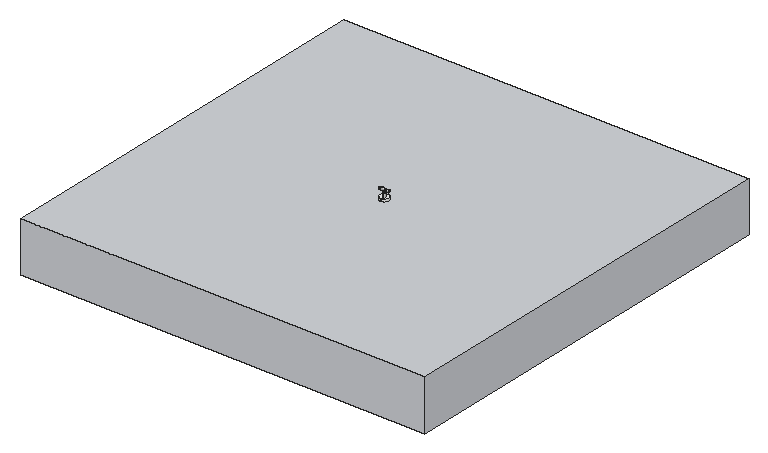
Revit family "Robe_Hook-Grohe-BauCosmopolitan-40461001", category Specialty Equipment, host Face, Revit 2014
Parameters (values of type "40461001")
  Waste Connection = no
  WFU = 0
  Vent Connection = no
  URL = "https://www.grohe.us"
  Type Comments = ""
  Product Page URL = "https://www.grohe.us/en_us/bau-cosmopolitan-robe-hook-40461001.html"
  Price = "Prices may vary. Please consult Manufacturer Representative for most up-to-date price list."  # constant formula
  Model = "40461001"
  Material = "Metal-Grohe-000-Chrome"
  Manufacturer = "Grohe"
  Length = 2.16535"
  Installation Type = "Wall Mounted"
  Height = 2.12598"
  HWFU = 0
  HW Connection = no
  Finish = Metal-Grohe-000-Chrome
  Description = "BauCosmopolitan Robe Hook"
  Default Elevation = 40"  # constant formula
  Creation Date = "7/6/2017"  # constant formula
  CWFU = 0
  CW Connection = no
  Assembly Code = "E"
Reference planes (in)
  plane 1 "Center (Front/Back)": y = 0
  plane 2: z = 0
  plane 3 "Center (Left/Right)": x = 0
  plane 4: y = 1.06299
  plane 5: y = -1.06299
  plane 6: z = 2.16535
Forms (in)
  Extrusion 1, solid
    sketch origin (0, 0, 0) x (1, 0, 0) y (0, 1, 0)
      loop
        line (-48, 48) -> (-48, -48) -> (48, -48) -> (48, 48) -> (-48, 48)
    from 0 to -12
  Revolve 2, solid, material "Metal-Grohe-000-Chrome" <- "Finish"
    sketch origin (0, 0, 0) x (0, 1, 0) y (0, 0, 1)
      loop
        line (0, 0) -> (1.06299, 0) -> (1.06299, 0.37147) -> (0.24063, 0.37147) -> (0.24063, 1.33834) -> (0.18146, 1.61675)
        arc (0.18146, 1.61675) -> (0.15772, 1.76662) -> (0.14978, 1.91816) r 1.44971
        line (0.14978, 1.91816) -> (0.14978, 1.99982) -> (0, 1.99982) -> (0, 0)
      axis (0, 0) -> (0, 1.99982)
    angle from 0 to 360
  Revolve 3, solid, material "Metal-Grohe-000-Chrome" <- "Finish"
    sketch origin (0, 0, 0.22146) x (1, 0, 0) y (0, 0, 1)
      loop
        line (-1.12431, 1.72886) -> (1.12431, 1.72886) -> (1.12431, 1.9439) -> (0.80442, 1.9439) -> (0.744, 1.88348) -> (0.70926, 1.88348) -> (0.64884, 1.9439) -> (-0.64884, 1.9439) -> (-0.70926, 1.88348) -> (-0.744, 1.88348) -> (-0.80442, 1.9439) -> (-1.12431, 1.9439) -> (-1.12431, 1.72886)
      axis (-1.12431, 1.72886) -> (1.12431, 1.72886)
    angle from 0 to 360
Lines and regions (in)
  Masking region 1
    outline origin (0, 0, 0) x (1, 0, 0) y (0, 0, 1)
      loop
        line (-0.24063, 0.37147) -> (-1.05785, 0.37147) -> (-1.05785, 0) -> (1.05785, 0) -> (1.05785, 0.37147) -> (0.24063, 0.37147) -> (0.24063, 1.33834) -> (0.15626, 1.73528) -> (0.64884, 1.73528) -> (0.70926, 1.7957) -> (0.744, 1.7957) -> (0.80442, 1.73528) -> (1.12431, 1.73528) -> (1.12431, 2.16535) -> (0.80442, 2.16535) -> (0.744, 2.10493) -> (0.70926, 2.10493) -> (0.64884, 2.16535) -> (-0.64884, 2.16535) -> (-0.70926, 2.10493) -> (-0.744, 2.10493) -> (-0.80442, 2.16535) -> (-1.12431, 2.16535) -> (-1.12431, 1.73528) -> (-0.80442, 1.73528) -> (-0.744, 1.7957) -> (-0.70926, 1.7957) -> (-0.64884, 1.73528) -> (-0.15626, 1.73528) -> (-0.24063, 1.33834) -> (-0.24063, 0.37147)
  symbolic lines, style "PlumbingFixtures", detail levels medium+fine
    curve 1: line (0.24063, 0, 0.37147) -> (-0.24063, 0, 0.37147)
  symbolic lines, detail levels fine
    curve 2: arc (0.15626, 0, 1.73528) -> (0, 0, 1.80689) -> (-0.15626, 0, 1.73528) r 0.20629
  symbolic lines, style "PlumbingFixtures", detail levels fine
    curve 3: line (0.80442, 0, 1.73528) -> (0.80442, 0, 2.16535)
    curve 4: line (0.744, 0, 1.7957) -> (0.744, 0, 2.10493)
    curve 5: line (0.70926, 0, 1.7957) -> (0.70926, 0, 2.10493)
    curve 6: line (0.64884, 0, 1.73528) -> (0.64884, 0, 2.16535)
    curve 7: line (-0.80442, 0, 1.73528) -> (-0.80442, 0, 2.16535)
    curve 8: line (-0.744, 0, 1.7957) -> (-0.744, 0, 2.10493)
    curve 9: line (-0.70926, 0, 1.7957) -> (-0.70926, 0, 2.10493)
    curve 10: line (-0.64884, 0, 1.73528) -> (-0.64884, 0, 2.16535)
Dimensions and locks (in)
  plane 6 to level = 2.16535"
  plane 4 to plane 5 = 2.12598"
  level to plane 6 = 2.16535"
  aligned and locked: plane 2 to Extrusion 1
  aligned and locked: level to Extrusion 1
